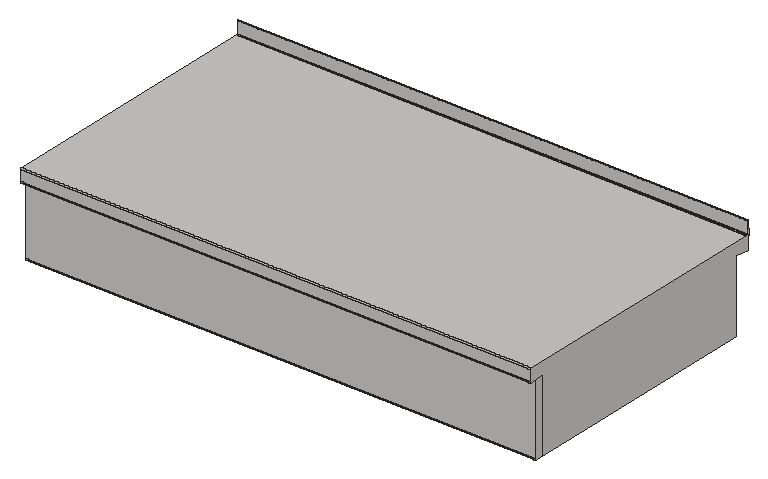
Revit family "QF_ELECTROLUXPROFESSIONAL_588125_MANABBLOOO", category Specialty Equipment, Revit 2018
Family settings
  Round Connector Dimension = Use Diameter
  Part Type = Normal
  Work Plane-Based = No
  Always vertical = Yes
  Cut with Voids When Loaded = No
  Shared = No
  Room Calculation Point = No
Parameters
  Weight in Pounds = 77.16
  URL Cutsheet = "www.electrolux.com/professional"
  URL = "www.electrolux.com/professional"
  Type Mark [instance] = ""
  Status [instance] = ""
  Specification by User [instance] = ""
  Specification by Manufacturer = ""
  Serial Number = ""
  Seismic Rating = ""
  SMACNA No = ""
  Revision Code [instance] = ""
  Omniclass Number and Title = ""
  NAFEM Spec ID Number = ""
  Model = "588125"
  Masterspec = ""
  Manufacturer = "ELECTROLUX"
  Item Number [instance] = ""
  Installed By [instance] = ""
  Identify Quantity as Lot [instance] = yes
  Furnished By [instance] = ""
  Foodservice Equipment Identifier [instance] = yes
  Direct Waste Size = 0"
  Description = "CLOSED WORK TOP,1-S,BACKSPL,1500X800X250H"
  CSI MasterFormat = ""
  CSI Master Format = ""
Reference planes
  plane 1 "BACK": y = 0
  plane 2: z = 0
  plane 3 "LEFT": x = 0
  plane 4 "RIGHT": x = 1500
  plane 5 "FRONT": y = -800
  plane 6 "TOP": z = 250
  plane 7 "Center Y": x = 750
  plane 8 "Center X": y = -400
  plane 9: z = 288
Forms (mm)
  Extrusion 1, solid, material "QF_Finishes_Stainless Steel"
    sketch origin (0, 50.048, 0) x (0, 1, 0) y (0, 0, 1)
      loop
        line (-95.048, 213) -> (-71.412, 213) -> (-54.743, 210.061)
        arc (-54.743, 210.061) -> (-51.477, 210.936) -> (-50.048, 214) r 4
        line (-50.048, 214) -> (-50.048, 246)
        arc (-50.048, 246) -> (-51.22, 248.828) -> (-54.048, 250) r 4
        line (-54.048, 250) -> (-846.048, 250)
        arc (-846.048, 250) -> (-848.877, 248.828) -> (-850.048, 246) r 4
        line (-850.048, 246) -> (-850.048, 214)
        arc (-850.048, 214) -> (-848.619, 210.936) -> (-845.353, 210.061) r 4
        line (-845.353, 210.061) -> (-828.509, 213) -> (-805.048, 213) -> (-805.048, 0) -> (-95.048, 0) -> (-95.048, 213)
    from 0 to 1500
  Extrusion 2, solid, material "QF_Finishes_Stainless Steel"
    sketch origin (0, 50.048, 0) x (0, 1, 0) y (0, 0, 1)
      loop
        arc (-828.048, 213) -> (-829.462, 212.414) -> (-830.048, 211) r 2
        line (-830.048, 211) -> (-830.048, 2)
        arc (-830.048, 2) -> (-829.462, 0.586) -> (-828.048, 0) r 2
        line (-828.048, 0) -> (-805.048, 0) -> (-805.048, 213) -> (-828.048, 213)
    from 0 to 1500
  Extrusion 3, solid, material "QF_Finishes_Stainless Steel"
    sketch origin (0, -950.048, 0) x (0, -1, 0) y (0, 0, -1)
      loop
        arc (-948.097, -252.006) -> (-947.511, -250.592) -> (-946.097, -250.006) r 2
        arc (-946.097, -250.006) -> (-948.877, -248.828) -> (-950.048, -246) r 4
        line (-950.048, -246) -> (-950.048, -288.006) -> (-948.097, -288.006) -> (-948.097, -252.006)
    from 0 to 1500
Lines and regions (mm)
  symbolic lines
    curve 1: line (0, 0, 0) -> (1500, 0, 0)
    curve 2: line (0, -800, 0) -> (0, 0, 0)
    curve 3: line (1500, -800, 0) -> (0, -800, 0)
    curve 4: line (1500, 0, 0) -> (1500, -800, 0)
    curve 5: line (0, -1.951, 0) -> (1500, -1.951, 0)
Dimensions and locks
  equal spacing: plane 3 "LEFT", plane 7 "Center Y", plane 4 "RIGHT"
  plane 3 "LEFT" to plane 4 "RIGHT" = 1500.00 mm
  equal spacing: plane 5 "FRONT", plane 8 "Center X", plane 1 "BACK"
  plane 5 "FRONT" to plane 1 "BACK" = 800.00 mm
  plane 6 "TOP" to level = 250.00 mm
  plane 9 to level = 288.00 mm
  plane 9 to plane 6 "TOP" = 38.00 mm
  aligned and locked: level to plane 2
  aligned and locked: Extrusion 1 to plane 4 "RIGHT"
  aligned and locked: Extrusion 2 to plane 4 "RIGHT"
  aligned and locked: Extrusion 3 to plane 4 "RIGHT"
Automatic sketch dimensions
  Extrusion 1 sketch curve to plane 5 "FRONT" = 0.00 mm
  Extrusion 1 sketch curve to plane 6 "TOP" = 0.00 mm
  Extrusion 1 sketch curve to level = 0.00 mm
  Extrusion 1 sketch curve to plane 1 "BACK" = 0.00 mm
  Extrusion 1 sketch curve to plane 5 "FRONT" = 4.695 mm
  Extrusion 1 sketch curve to plane 6 "TOP" = 39.939 mm
  Extrusion 1 sketch curve to plane 5 "FRONT" = 4.00 mm  (x2)
  Extrusion 1 sketch curve to Extrusion 1 sketch curve = 16.844 mm
  Extrusion 1 sketch curve to plane 5 "FRONT" = 45.00 mm
  plane 1 "BACK" to Extrusion 1 sketch curve = 45.00 mm
  plane 1 "BACK" to Extrusion 1 sketch curve = 21.364 mm
  plane 1 "BACK" to Extrusion 1 sketch curve = 4.00 mm
  plane 1 "BACK" to Extrusion 1 sketch curve = 4.695 mm
  Extrusion 1 sketch curve to Extrusion 1 sketch curve = 0.00 mm  (x2)
  Extrusion 1 sketch curve to Extrusion 1 sketch curve = 4.00 mm
  Extrusion 1 sketch curve to plane 6 "TOP" = 37.00 mm  (x2)
  Extrusion 1 sketch curve to Extrusion 1 sketch curve = 1.00 mm
  Extrusion 2 sketch curve to level = 0.00 mm
  Extrusion 2 sketch curve to plane 5 "FRONT" = 20.00 mm
  level to Extrusion 2 sketch curve = 2.00 mm
  Extrusion 2 sketch curve to Extrusion 2 sketch curve = 2.00 mm
  Extrusion 2 sketch curve to Extrusion 2 sketch curve = 23.00 mm
  Extrusion 2 sketch curve to plane 6 "TOP" = 39.00 mm
  Extrusion 3 sketch curve to plane 1 "BACK" = 0.00 mm  (x2)
  Extrusion 3 sketch curve to plane 6 "TOP" = 2.006 mm
  Extrusion 3 sketch curve to plane 6 "TOP" = 0.00 mm
  Extrusion 3 sketch curve to plane 9 = 0.006 mm
  Extrusion 3 sketch curve to Extrusion 3 sketch curve = 1.951 mm
  Extrusion 3 sketch curve to Extrusion 3 sketch curve = 2.00 mm
  Extrusion 3 sketch curve to Extrusion 3 sketch curve = 0.049 mm
  Extrusion 3 sketch curve to Extrusion 3 sketch curve = 0.00 mm
  plane 1 "BACK" to curve 1 = 0.00 mm
  curve 1 to plane 3 "LEFT" = 0.00 mm
  curve 1 to plane 4 "RIGHT" = 0.00 mm
  plane 5 "FRONT" to curve 4 = 0.00 mm
  curve 5 to curve 1 = 1.951 mm
